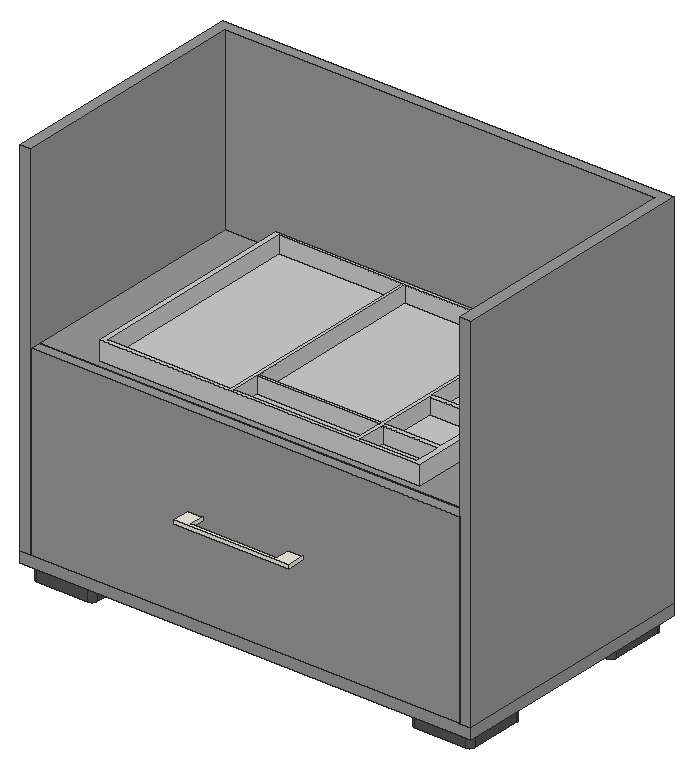
Revit family "Haworth_Epure_ProximityStorage_JuxtaposedModule_EU_PRELIMINARY", category Furniture, Revit 2019
Family settings
  OmniClass Number = 23.40.70.14.64.11
  OmniClass Title = Office Furniture
  Work Plane-Based = No
  Always vertical = Yes
  Cut with Voids When Loaded = No
  Shared = No
  Room Calculation Point = No
Parameters (values of type "Freestanding with 1 Suspended Files Drawer")
  without Pull = not(with Pull)  # no
  with Pull = and(or(Handle 1, Handle 2, Metal Handle))  # yes
  Warranty = "http://www.haworth.com/resources/product-info/warranties"
  Upper Pull = and(with Pull, Module Freestanding with 1 Suspended Files Drawer)  # no
  URL - Product = "https://www.haworth.com/eu/en/products/office-desks/epure-01.html"
  Type Comments = ""
  URL = "https://www.haworth.com/eu/en.html"
  Trim Finish = Haworth _ Paint _ Smooth Plaster
  Storage Finish [instance] = Haworth _ Laminate _ Undecided _ Storage
  Size = "Verify Final Dim.w/ Haworth"  # constant formula
  Revision Number = "1"  # constant formula
  Pencil Tray Options = "Not for Loadbearing for CPU, Module Freestanding with 1 Suspended Files Drawer"  # constant formula
  Pencil Tray Finish = Haworth _ Metal _ Structured White EC
  Pencil Tray = yes
  New Tibas 2 Fixing Kit = no
  New Tibas 1 Fixing Kit = no
  New T_Up 2 Fixing Kit = no
  New T_Up 1 Fixing Kit = no
  Module Freestanding with 1 Suspended Files Drawer = no
  Model = "EUPSDEPXXX"  # constant formula
  Metal Handle = yes
  Manufacturer = "Haworth"  # constant formula
  Loadbearing for CPU = no
  Handle 2 = no
  Handle 1 = no
  Glide Finish = Haworth _ Polymer _ Black
  Front Finish [instance] = Haworth _ Laminate _ Undecided _ Storage
  Freestanding with 1 Suspended Files Drawer = yes
  Freestanding with 1 Shelf = no
  Fixing 2 Kit = "Loadbearing for CPU only"  # constant formula
  Epure 2 Fixing Kit = no
  Epure 1 Fixing Kit = no
  Description = "Haworth - Epure - Proximity Storage - Juxtaposed Module"  # constant formula
  Below Pull = with Pull  # yes
  Below Drawer = and(or(Freestanding with 1 Suspended Files Drawer, Module Freestanding with 1 Suspended Files Drawer))  # yes
  Author = "Haworth (Abd Rahman)"  # constant formula
  Assembly Code = "E2020200"
  Actual Width = 80 cm  # constant formula
  Actual Height = 69 cm  # constant formula
  Actual Depth = 45 cm  # constant formula
Types (4, lengths in cm): name | without Pull | with Pull | Upper Pull | Pencil Tray | New Tibas 1 Fixing Kit | New T_Up 2 Fixing Kit | New T_Up 1 Fixing Kit | Module Freestanding with 1 Suspended Files Drawer | Metal Handle | Loadbearing for CPU | Freestanding with 1 Suspended Files Drawer | Freestanding with 1 Shelf | Epure 1 Fixing Kit | Below Pull | Below Drawer
  Loadbearing for CPU | yes | no | no | no | no | yes | yes | no | no | yes | no | no | no | no | no
  Freestanding with 1 Shelf | yes | no | no | yes | yes | no | no | no | no | no | no | yes | no | no | no
  Freestanding with 1 Suspended Files Drawer | no | yes | no | yes | no | no | no | no | yes | no | yes | no | no | yes | yes
  Module Freestanding with 1 Suspended Files Drawer | no | yes | yes | no | no | no | no | yes | yes | no | no | no | yes | yes | yes
Reference planes (cm)
  plane 1 "Center F/B": y = 17.4526
  plane 2: z = 0
  plane 3 "Center L/R": x = 11.43
  plane 4 "Top": z = 69
  plane 5 "Left": x = -28.57
  plane 6 "Right": x = 51.43
  plane 7 "Back": y = 39.9526
  plane 8 "Front": y = -5.0474
  plane 9: y = -3.1474
  plane 10: y = 38.0526
  plane 11: x = 49.53
  plane 12: x = -26.67
  plane 13: z = 4.4
  plane 14: z = 37.3
  plane 15: z = 60
  plane 16: z = 2.5
  plane 17 "2": z = 68
  plane 18: z = 12.4
  plane 19: z = 10.4
  plane 20: z = 35.4
  plane 21: z = 38
  plane 22: z = 20.85
  plane 23: z = 52
  plane 24: z = 70
  plane 25: x = -8.57
  plane 26: x = 31.43
Forms (cm)
  Extrusion 1, solid, material "Haworth _ Laminate _ Undecided _ Storage" <- "Storage Finish"
    sketch origin (0, 0, 0) x (1, 0, 0) y (0, 1, 0)
      loop
        line (-26.67, 38.0526) -> (49.53, 38.0526) -> (49.53, -5.0474) -> (51.43, -5.0474) -> (51.43, 39.9526) -> (-28.57, 39.9526) -> (-28.57, -5.0474) -> (-26.67, -5.0474) -> (-26.67, 38.0526)
    from 4.4 to 69
  Extrusion 2, solid, material "Haworth _ Laminate _ Undecided _ Storage" <- "Front Finish", visible <- "Below Drawer"
    sketch origin (33.9075, -5.0474, 26.6023) x (-1, 0, 0) y (0, 0, 1)
      loop
        line (60.5775, 10.6977) -> (-15.6225, 10.6977) -> (-15.6225, -22.2023) -> (60.5775, -22.2023) -> (60.5775, 10.6977)
    from 0 to 1.9
  Extrusion 3, solid, material "Haworth _ Laminate _ Undecided _ Storage" <- "Storage Finish"
    sketch origin (18.4075, -5.0474, -2.4912) x (-1, 0, 0) y (0, 0, 1)
      loop
        line (46.9775, 6.8912) -> (-33.0225, 6.8912) -> (-33.0225, 4.9912) -> (46.9775, 4.9912) -> (46.9775, 6.8912)
    from 0 to 45
  Extrusion 4, solid, material "Haworth _ Laminate _ Undecided _ Storage" <- "Storage Finish", visible <- "Loadbearing for CPU"
    sketch origin (7, -5.0474, 0) x (-1, 0, 0) y (0, 0, 1)
      loop
        line (33.67, 68) -> (-42.53, 68) -> (-42.53, 60) -> (33.67, 60) -> (33.67, 68)
      loop
        line (33.67, 12.4) -> (-42.53, 12.4) -> (-42.53, 4.4) -> (33.67, 4.4) -> (33.67, 12.4)
    from 0 to 1.9
  Extrusion 5, solid, material "Haworth _ Polymer _ Black" <- "Glide Finish"
    sketch origin (0, 0, 0) x (1, 0, 0) y (0, 1, 0)
      loop
        line (49.0294, 39.1326) -> (40.0294, 39.1326)
        arc (40.0294, 39.1326) -> (39.3223, 38.8397) -> (39.0294, 38.1326) r 1
        line (39.0294, 38.1326) -> (39.0294, 36.4302)
        arc (39.0294, 36.4302) -> (39.0863, 36.2905) -> (39.2246, 36.2303) r 0.2
        arc (39.2246, 36.2303) -> (44.8125, 33.9157) -> (47.1271, 28.3278) r 7.9025
        arc (47.1271, 28.3278) -> (47.1873, 28.1895) -> (47.327, 28.1326) r 0.2
        line (47.327, 28.1326) -> (49.0294, 28.1326)
        arc (49.0294, 28.1326) -> (49.7366, 28.4255) -> (50.0294, 29.1326) r 1
        line (50.0294, 29.1326) -> (50.0294, 38.1326)
        arc (50.0294, 38.1326) -> (49.7366, 38.8397) -> (49.0294, 39.1326) r 1
      loop
        arc (-26.6694, 38.6326) -> (-27.3766, 38.3397) -> (-27.6694, 37.6326) r 1
        line (-27.6694, 37.6326) -> (-27.6694, 28.6326)
        arc (-27.6694, 28.6326) -> (-27.3766, 27.9255) -> (-26.6694, 27.6326) r 1
        line (-26.6694, 27.6326) -> (-24.967, 27.6326)
        arc (-24.967, 27.6326) -> (-24.8273, 27.6895) -> (-24.7671, 27.8278) r 0.2
        arc (-24.7671, 27.8278) -> (-22.4525, 33.4157) -> (-16.8646, 35.7303) r 7.9025
        arc (-16.8646, 35.7303) -> (-16.7263, 35.7905) -> (-16.6694, 35.9302) r 0.2
        line (-16.6694, 35.9302) -> (-16.6694, 37.6326)
        arc (-16.6694, 37.6326) -> (-16.9623, 38.3397) -> (-17.6694, 38.6326) r 1
        line (-17.6694, 38.6326) -> (-26.6694, 38.6326)
      loop
        arc (49.5294, -3.7274) -> (50.2366, -3.4345) -> (50.5294, -2.7274) r 1
        line (50.5294, -2.7274) -> (50.5294, 6.2726)
        arc (50.5294, 6.2726) -> (50.2366, 6.9798) -> (49.5294, 7.2726) r 1
        line (49.5294, 7.2726) -> (47.827, 7.2726)
        arc (47.827, 7.2726) -> (47.6873, 7.2158) -> (47.6271, 7.0775) r 0.2
        arc (47.6271, 7.0775) -> (45.3125, 1.4896) -> (39.7246, -0.825) r 7.9025
        arc (39.7246, -0.825) -> (39.5863, -0.8852) -> (39.5294, -1.0249) r 0.2
        line (39.5294, -1.0249) -> (39.5294, -2.7274)
        arc (39.5294, -2.7274) -> (39.8223, -3.4345) -> (40.5294, -3.7274) r 1
        line (40.5294, -3.7274) -> (49.5294, -3.7274)
      loop
        line (-26.1694, -4.2274) -> (-17.1694, -4.2274)
        arc (-17.1694, -4.2274) -> (-16.4623, -3.9345) -> (-16.1694, -3.2274) r 1
        line (-16.1694, -3.2274) -> (-16.1694, -1.5249)
        arc (-16.1694, -1.5249) -> (-16.2263, -1.3852) -> (-16.3646, -1.325) r 0.2
        arc (-16.3646, -1.325) -> (-21.9525, 0.9896) -> (-24.2671, 6.5775) r 7.9025
        arc (-24.2671, 6.5775) -> (-24.3273, 6.7158) -> (-24.467, 6.7726) r 0.2
        line (-24.467, 6.7726) -> (-26.1694, 6.7726)
        arc (-26.1694, 6.7726) -> (-26.8766, 6.4798) -> (-27.1694, 5.7726) r 1
        line (-27.1694, 5.7726) -> (-27.1694, -3.2274)
        arc (-27.1694, -3.2274) -> (-26.8766, -3.9345) -> (-26.1694, -4.2274) r 1
      loop
        circle (-25.4193, 36.2811) r 1.75
      loop
        circle (47.7793, 36.7811) r 1.75
      loop
        circle (-24.9193, -1.8758) r 1.75
      loop
        circle (48.2793, -1.3758) r 1.75
    from 0 to 2.5
  Extrusion 6, solid, material "Haworth _ Laminate _ Undecided _ Storage" <- "Storage Finish", visible <- "Loadbearing for CPU"
    sketch origin (0, 0, 0) x (1, 0, 0) y (0, 1, 0)
      loop
        line (-26.67, 38.0526) -> (-26.67, -3.1474) -> (49.53, -3.1474) -> (49.53, 38.0526) -> (-26.67, 38.0526)
    from 12.4 to 10.4
  Extrusion 7, solid, material "Haworth _ Laminate _ Undecided _ Storage" <- "Storage Finish", visible <- "Freestanding with 1 Shelf"
    sketch origin (0, 0, 23) x (1, 0, 0) y (0, 1, 0)
      loop
        line (-26.67, 38.0526) -> (-26.67, -3.1474) -> (49.53, -3.1474) -> (49.53, 38.0526) -> (-26.67, 38.0526)
    from 14.3 to 12.4
  Extrusion 8, solid, material "Haworth _ Laminate _ Undecided _ Storage" <- "Front Finish", visible <- "Module Freestanding with 1 Suspended Files Drawer"
    sketch origin (33.9075, -5.0474, 58.3023) x (-1, 0, 0) y (0, 0, 1)
      loop
        line (60.5775, 10.6977) -> (-15.6225, 10.6977) -> (-15.6225, -20.3023) -> (60.5775, -20.3023) -> (60.5775, 10.6977)
    from 0 to 1.9
  Extrusion 9, solid, material "Haworth _ Laminate _ Undecided _ Storage" <- "Storage Finish", visible <- "Freestanding with 1 Suspended Files Drawer"
    sketch origin (0, 0, 23) x (1, 0, 0) y (0, 1, 0)
      loop
        line (-26.67, 38.0526) -> (-26.67, -3.1474) -> (49.53, -3.1474) -> (49.53, 38.0526) -> (-26.67, 38.0526)
    from 14.3 to 12.4
Lines and regions (cm)
  Masking region 1
    outline origin (0, 0, 0) x (1, 0, 0) y (0, 1, 0)
      loop
        line (-28.57, 39.9526) -> (-28.57, -5.0474) -> (51.43, -5.0474) -> (51.43, 39.9526) -> (-28.57, 39.9526)
      loop
        line (-26.67, 38.0526) -> (-26.67, -3.1474) -> (49.53, -3.1474) -> (49.53, 38.0526) -> (-26.67, 38.0526)
Dimensions and locks (cm)
  equal spacing: plane 7 "Back", plane 1 "Center F/B", plane 8 "Front"
  "Actual Depth": plane 7 "Back" to plane 8 "Front"
  equal spacing: plane 5 "Left", plane 3 "Center L/R", plane 6 "Right"
  "Actual Width": plane 5 "Left" to plane 6 "Right"
  locked: plane 9 to plane 8 "Front" at 1.9
  plane 10 to plane 7 "Back" = 1.9 cm
  locked: plane 11 to plane 6 "Right" at 1.9
  locked: plane 5 "Left" to plane 12 at 1.9
  "Actual Height": plane 4 "Top" to plane 2
  locked: plane 4 "Top" to plane 15 at 9
  locked: plane 4 "Top" to plane 17 "2" at 1
  plane 18 to plane 19 to plane 13 to plane 16 to plane 2 = 2 cm, 6 cm, 1.9 cm, 2.5 cm
  plane 20 to plane 13 = 31 cm
  plane 14 to plane 20 = 1.9 cm
  plane 4 "Top" to plane 21 = 31 cm
  plane 23 to plane 22 to plane 2 = 31.15 cm, 20.85 cm
  locked: plane 24 to plane 4 "Top" at 1
  equal spacing: plane 5 "Left", plane 25, plane 3 "Center L/R", plane 26, plane 6 "Right"
  aligned and locked: Masking region 1 sketch curve to plane 6 "Right"
  aligned and locked: Masking region 1 sketch curve to plane 7 "Back"
  aligned and locked: plane 5 "Left" to Masking region 1 sketch curve
  aligned and locked: plane 8 "Front" to Masking region 1 sketch curve
  aligned and locked: Masking region 1 sketch curve to plane 11
  aligned and locked: plane 9 to Masking region 1 sketch curve
  aligned and locked: Masking region 1 sketch curve to plane 12
  aligned and locked: Masking region 1 sketch curve to plane 10
  aligned and locked: Extrusion 3 sketch curve to plane 16
  aligned and locked: Extrusion 3 sketch curve to plane 6 "Right"
  aligned and locked: Extrusion 3 sketch curve to plane 13
  aligned and locked: plane 5 "Left" to Extrusion 3 sketch curve
  aligned and locked: plane 7 "Back" to Extrusion 3
  aligned and locked: plane 3 "Center L/R" to nested 1
  aligned and locked: nested 1 to plane 8 "Front"
  aligned and locked: Extrusion 1 sketch curve to plane 10
  aligned and locked: Extrusion 1 sketch curve to plane 11
  aligned and locked: Extrusion 1 sketch curve to plane 12
  aligned and locked: Extrusion 1 sketch curve to plane 6 "Right"
  aligned and locked: plane 5 "Left" to Extrusion 1 sketch curve
  aligned and locked: Extrusion 1 sketch curve to plane 7 "Back"
  aligned and locked: Extrusion 4 sketch curve to plane 11  (x2)
  aligned and locked: Extrusion 4 sketch curve to plane 17 "2"
  aligned and locked: Extrusion 4 sketch curve to plane 12  (x2)
  aligned and locked: plane 15 to Extrusion 4 sketch curve
  aligned and locked: Extrusion 4 to plane 8 "Front"
  aligned and locked: plane 9 to Extrusion 4
  aligned and locked: Extrusion 5 to plane 2
  aligned and locked: Extrusion 5 to plane 16
  aligned and locked: Extrusion 4 sketch curve to plane 13
  aligned and locked: Extrusion 6 sketch curve to plane 11
  aligned and locked: Extrusion 6 sketch curve to plane 10
  aligned and locked: Extrusion 6 sketch curve to plane 12
  aligned and locked: plane 9 to Extrusion 6 sketch curve
  aligned and locked: Extrusion 4 to plane 18
  aligned and locked: plane 18 to Extrusion 6
  aligned and locked: Extrusion 6 to plane 19
  aligned and locked: Extrusion 7 to plane 20
  aligned and locked: Extrusion 7 to plane 14
  aligned and locked: Extrusion 7 sketch curve to plane 11
  aligned and locked: Extrusion 7 sketch curve to plane 10
  aligned and locked: Extrusion 7 sketch curve to plane 12
  aligned and locked: plane 9 to Extrusion 7 sketch curve
  aligned and locked: Extrusion 2 sketch curve to plane 13
  aligned and locked: Extrusion 2 to plane 14
  aligned and locked: Extrusion 8 sketch curve to plane 4 "Top"
  aligned and locked: plane 21 to Extrusion 8 sketch curve
  aligned and locked: Extrusion 1 to plane 8 "Front"
  aligned and locked: plane 9 to Extrusion 2
  aligned and locked: Extrusion 2 to plane 8 "Front"
  aligned and locked: Extrusion 3 to plane 8 "Front"
  aligned and locked: plane 22 to nested 1
  aligned and locked: nested 2 to plane 23
  aligned and locked: plane 8 "Front" to nested 2
  aligned and locked: plane 7 "Back" to nested 8
  aligned and locked: plane 3 "Center L/R" to nested 8
  aligned and locked: plane 3 "Center L/R" to nested 9
  aligned and locked: nested 9 to plane 7 "Back"
  aligned and locked: plane 8 "Front" to nested 10
  aligned and locked: nested 10 to plane 3 "Center L/R"
  aligned and locked: nested 7 to plane 8 "Front"
  aligned and locked: nested 7 to plane 3 "Center L/R"
  aligned and locked: nested 7 to plane 4 "Top"
  aligned and locked: nested 8 to plane 4 "Top"
  aligned and locked: nested 10 to plane 4 "Top"
  aligned and locked: nested 9 to plane 4 "Top"
  aligned and locked: nested 4 to plane 7 "Back"
  aligned and locked: plane 25 to nested 4
  aligned and locked: plane 26 to nested 3
  aligned and locked: nested 3 to plane 7 "Back"
  aligned and locked: plane 25 to nested 5
  aligned and locked: plane 26 to nested 6
  aligned and locked: nested 5 to plane 8 "Front"
  aligned and locked: nested 6 to plane 8 "Front"
  aligned and locked: nested 6 to plane 4 "Top"
  aligned and locked: nested 3 to plane 4 "Top"
  aligned and locked: nested 5 to plane 4 "Top"
  aligned and locked: nested 4 to plane 4 "Top"
  aligned and locked: plane 11 to Extrusion 2
  aligned and locked: plane 11 to Extrusion 8
  aligned and locked: plane 12 to Extrusion 2
  aligned and locked: plane 12 to Extrusion 8
  aligned and locked: Extrusion 9 sketch curve to plane 12
  aligned and locked: Extrusion 9 sketch curve to plane 10
  aligned and locked: Extrusion 9 sketch curve to plane 11
  aligned and locked: plane 9 to Extrusion 9 sketch curve
  aligned and locked: Extrusion 9 to plane 20
  aligned and locked: Extrusion 9 to plane 14
  aligned and locked: plane 1 "Center F/B" to nested 11
  aligned and locked: plane 3 "Center L/R" to nested 11
  aligned and locked: nested 11 to plane 14
Automatic sketch dimensions
  Extrusion 1 sketch curve to plane 8 "Front" = 0 cm  (x2)
  Extrusion 2 sketch curve to plane 11 = 0 cm
  plane 12 to Extrusion 2 sketch curve = 0 cm
  Extrusion 2 sketch curve to plane 14 = 0 cm
  Extrusion 4 sketch curve to plane 18 = 0 cm
  plane 5 "Left" to Extrusion 5 sketch curve = 0.9006 cm
  Extrusion 5 sketch curve to plane 9 = 0.08 cm  (x2)
  plane 12 to Extrusion 5 sketch curve = 0.4994 cm
  Extrusion 5 sketch curve to plane 12 = 0.0006 cm  (x2)
  Extrusion 5 sketch curve to plane 12 = 0.5006 cm  (x2)
  Extrusion 5 sketch curve to plane 12 = 1.2507 cm
  Extrusion 5 sketch curve to plane 12 = 1.703 cm
  Extrusion 5 sketch curve to plane 12 = 1.7507 cm
  Extrusion 5 sketch curve to Extrusion 5 sketch curve = 1.7024 cm
  plane 10 to Extrusion 5 sketch curve = 0.42 cm
  Extrusion 5 sketch curve to Extrusion 5 sketch curve = 7.7498 cm  (x2)
  Extrusion 5 sketch curve to Extrusion 5 sketch curve = 0.8 cm
  Extrusion 5 sketch curve to Extrusion 5 sketch curve = 0.0048 cm  (x4)
  Extrusion 5 sketch curve to Extrusion 5 sketch curve = 0.2 cm  (x5)
  Extrusion 5 sketch curve to plane 25 = 7.7946 cm
  Extrusion 5 sketch curve to plane 10 = 0.08 cm  (x2)
  plane 26 to Extrusion 5 sketch curve = 7.5994 cm
  plane 26 to Extrusion 5 sketch curve = 7.7946 cm
  plane 9 to Extrusion 5 sketch curve = 2.1224 cm
  plane 26 to Extrusion 5 sketch curve = 8.0994 cm
  Extrusion 5 sketch curve to Extrusion 5 sketch curve = 0.1952 cm  (x3)
  Extrusion 5 sketch curve to plane 7 "Back" = 0.82 cm
  Extrusion 5 sketch curve to plane 9 = 0.58 cm
  Extrusion 5 sketch curve to Extrusion 5 sketch curve = 1 cm
  Extrusion 5 sketch curve to plane 11 = 2.203 cm
  Extrusion 5 sketch curve to plane 11 = 1.7507 cm
  Extrusion 5 sketch curve to plane 11 = 1.703 cm
  Extrusion 5 sketch curve to plane 11 = 1.2507 cm
  Extrusion 5 sketch curve to plane 11 = 0.5006 cm  (x2)
  Extrusion 5 sketch curve to plane 11 = 0.0006 cm  (x2)
  plane 9 to Extrusion 5 sketch curve = 0.42 cm
  plane 9 to Extrusion 5 sketch curve = 1.2715 cm
  plane 9 to Extrusion 5 sketch curve = 1.6224 cm
  plane 9 to Extrusion 5 sketch curve = 1.7715 cm
  Extrusion 5 sketch curve to Extrusion 5 sketch curve = 7.6485 cm  (x2)
  Extrusion 5 sketch curve to Extrusion 5 sketch curve = 10 cm
  plane 10 to Extrusion 5 sketch curve = 9.92 cm
  plane 10 to Extrusion 5 sketch curve = 1.7715 cm
  plane 10 to Extrusion 5 sketch curve = 1.2715 cm
  Extrusion 8 sketch curve to plane 11 = 0 cm
  plane 12 to Extrusion 8 sketch curve = 0 cm
  radius of Extrusion 5 sketch curve = 1.75 cm  (x4)
Nested families (cm)
  nested 1: "Haworth_Epure_Storage_Drawer-Pulls" at (11.43, -5.0474, 20.85), visible <- "Below Pull", type "Pull"
    with Handle 2 no, Handle 1 no
  nested 2: "Haworth_Epure_Storage_Drawer-Pulls" at (11.43, -5.0474, 52) x (-1, 0, 0) z (0, 0, 1), visible <- "Upper Pull", type "Pull"
    with Handle 2 no, Handle 1 no
  nested 3: "Haworth_Epure_Storage-FixingEpureEU-PART" at (141.8466, 1.1626, 0.9304), visible <- "Epure 1 Fixing Kit", Fixing Finish <- "Trim Finish", type "Epure - Fixing"
    with Fixing Finish Haworth _ Paint _ Smooth Plaster
  nested 4: "Haworth_Epure_Storage-FixingEpureEU-PART" at (101.8466, 1.1626, 0.9304), visible <- "Epure 1 Fixing Kit", Fixing Finish <- "Trim Finish", type "Epure - Fixing"
    with Fixing Finish Haworth _ Paint _ Smooth Plaster
  nested 5: "Haworth_Epure_Storage-FixingEpureEU-PART" at (101.8466, -43.8374, 0.9304), visible <- "Epure 2 Fixing Kit", Fixing Finish <- "Trim Finish", type "Epure - Fixing"
    with Fixing Finish Haworth _ Paint _ Smooth Plaster
  nested 6: "Haworth_Epure_Storage-FixingEpureEU-PART" at (141.8466, -43.8374, 0.9304), visible <- "Epure 2 Fixing Kit", Fixing Finish <- "Trim Finish", type "Epure - Fixing"
    with Fixing Finish Haworth _ Paint _ Smooth Plaster
  nested 7: "Haworth_Epure_Pedestal-FixingNewT_UpEU-PART" at (-27.36, -130.9457, -0.0639) x (0, -1, 0) z (0, 0, 1), visible <- "New T_Up 2 Fixing Kit", Fixing Finish <- "Trim Finish", type "New T_Up - Fixing"
    with Fixing Finish Haworth _ Paint _ Smooth Plaster
  nested 8: "Haworth_Epure_Pedestal-FixingNewT_UpEU-PART" at (50.22, 165.851, -0.0639) x (0, 1, 0) z (0, 0, 1), visible <- "New T_Up 1 Fixing Kit", Fixing Finish <- "Trim Finish", type "New T_Up - Fixing"
    with Fixing Finish Haworth _ Paint _ Smooth Plaster
  nested 9: "Haworth_Epure_Pedestal-FixingNewTibasEU-PART" at (50.22, 147.3693, -0.465) x (0, 1, 0) z (0, 0, 1), visible <- "New Tibas 1 Fixing Kit", Fixing Finish <- "Trim Finish", type "New Tibas - Fixing"
    with Fixing Finish Haworth _ Paint _ Smooth Plaster
  nested 10: "Haworth_Epure_Pedestal-FixingNewTibasEU-PART" at (-27.36, -112.464, -0.465) x (0, -1, 0) z (0, 0, 1), visible <- "New Tibas 2 Fixing Kit", Fixing Finish <- "Trim Finish", type "New Tibas - Fixing"
    with Fixing Finish Haworth _ Paint _ Smooth Plaster
  nested 11: "Haworth_Epure_PencilTray_PART" at (17.7484, 34.5392, -0.1278), Pencil Tray Finish <- "Pencil Tray Finish", visible <- "Pencil Tray", type "Epure - Pencil Tray - PART"
    with Pencil Tray Finish Haworth _ Metal _ Structured White EC
Definition of nested family "Haworth_Epure_Storage_Drawer-Pulls"
  Parameters (values of type "Pull")
    Metal = yes
    Handle Finish = none
    Handle 2 = yes
    Handle 1 = yes
    Assembly Code = ""
  Reference planes (cm)
    plane 1 "Center Front/Back": y = 0
    plane 2: z = 0
    plane 3 "Center Left/Right": x = 0
    plane 4: x = -13
    plane 5: x = 13
  Forms (cm)
    Extrusion 1, solid, material <- "Handle Finish", visible <- "Metal"
      sketch origin (0, 0, 0.3175) x (1, 0, 0) y (0, 1, 0)
        loop
          line (-10.16, 0) -> (-10.16, -3.175) -> (10.16, -3.175) -> (10.16, 0) -> (7.62, 0) -> (7.62, -2.54) -> (-7.62, -2.54) -> (-7.62, 0) -> (-10.16, 0)
      from 0 to -0.635
    Extrusion 2, solid, material <- "Handle Finish", visible <- "Handle 2"
      sketch origin (249.8674, 48.2327, -47.4662) x (0, 1, 0) y (0, 0, 1)
        loop
          line (-48.2327, 48.4836) -> (-50.2327, 48.4836) -> (-50.2327, 46.4836) -> (-49.8327, 46.4836) -> (-49.8327, 47.4836) -> (-48.2327, 47.4836) -> (-48.2327, 48.4836)
      from -256.9674 to -242.7674
    Extrusion 3, solid, material <- "Handle Finish", visible <- "Handle 1"
      sketch origin (-80.1326, 48.2327, -18.6172) x (1, 0, 0) y (0, 1, 0)
        loop
          line (72.9326, -50.7327) -> (87.3326, -50.7327)
          arc (87.3326, -50.7327) -> (87.6861, -50.5862) -> (87.8326, -50.2327) r 0.5
          line (87.8326, -50.2327) -> (87.8326, -48.7327)
          arc (87.8326, -48.7327) -> (87.6861, -48.3791) -> (87.3326, -48.2327) r 0.5
          line (87.3326, -48.2327) -> (72.9326, -48.2327)
          arc (72.9326, -48.2327) -> (72.579, -48.3791) -> (72.4326, -48.7327) r 0.5
          line (72.4326, -48.7327) -> (72.4326, -50.2327)
          arc (72.4326, -50.2327) -> (72.579, -50.5862) -> (72.9326, -50.7327) r 0.5
      from 18.1935 to 19.0935
Definition of nested family "Haworth_Epure_Storage-FixingEpureEU-PART"
  Parameters (values of type "Epure - Fixing")
    Warranty = "http://www.haworth.com/resources/product-info/warranties"
    URL - Product = ""
    URL = "https://www.haworth.com/eu/en.html"
    Size = "Verify Final Dim. w/ Haworth"  # constant formula
    Revision Number = "1"  # constant formula
    Model = ""
    Manufacturer = "Haworth"  # constant formula
    Fixing Finish [instance] = none
    Epure Fixing = yes
    Description = ""
    Author = "Haworth (Abd Rahman)"  # constant formula
    Assembly Code = "E2020200"
    Actual Width = 16 cm  # constant formula
    Actual Height = 1 cm  # constant formula
    Actual Depth = 42 cm  # constant formula
  Reference planes (cm)
    plane 1: z = -0.5
    plane 2: y = 38.79
    plane 3: x = -102.4166
    plane 4: x = -118.4166
    plane 5: x = -110.4166
    plane 6: y = 17.79
    plane 7: y = 59.79
    plane 8: z = 69.0696
    plane 9: z = 68.0696
  Forms (cm)
    Extrusion 1, solid, material <- "Fixing Finish"
      sketch origin (-56.1479, -18.2837, 0) x (1, 0, 0) y (0, 1, 0)
        loop
          line (-46.2688, 36.6592) -> (-46.2688, 77.5727) -> (-46.7677, 78.0737) -> (-61.7996, 78.0737) -> (-62.2688, 77.6066) -> (-62.2688, 36.5193) -> (-61.8232, 36.0737) -> (-46.8568, 36.0737) -> (-46.2688, 36.6592)
        loop
          circle (-59.6836, 75.5752) r 0.6
        loop
          circle (-48.8485, 64.7401) r 0.6
        loop
          circle (-59.6836, 38.5506) r 0.6
        loop
          circle (-48.8485, 49.4074) r 0.6
      from 68.0696 to 69.0696
  Lines and regions (cm)
    Masking region 1
      outline origin (0, 0, 0) x (1, 0, 0) y (0, 1, 0)
        loop
          line (-102.4167, 18.3755) -> (-102.4167, 59.2889) -> (-102.9156, 59.79) -> (-117.9475, 59.79) -> (-118.4166, 59.3229) -> (-118.4166, 18.2356) -> (-117.971, 17.79) -> (-103.0046, 17.79) -> (-102.4167, 18.3755)
  Dimensions and locks (cm)
    "Actual Width": plane 4 to plane 3
    equal spacing: plane 4, plane 5, plane 3
    equal spacing: plane 6, plane 2, plane 7
    "Actual Depth": plane 6 to plane 7
    "Actual Height": plane 8 to plane 9
    aligned and locked: Extrusion 1 to plane 8
    aligned and locked: plane 9 to Extrusion 1
  Automatic sketch dimensions
    Extrusion 1 sketch curve to plane 4 = 0 cm
    plane 6 to Extrusion 1 sketch curve = 0 cm
    plane 7 to Extrusion 1 sketch curve = 0 cm
    Extrusion 1 sketch curve to plane 4 = 0.4456 cm
    Extrusion 1 sketch curve to plane 4 = 0.4691 cm
    Extrusion 1 sketch curve to plane 4 = 2.5851 cm  (x2)
    plane 3 to Extrusion 1 sketch curve = 2.5797 cm  (x2)
    plane 3 to Extrusion 1 sketch curve = 0.588 cm
    plane 3 to Extrusion 1 sketch curve = 0.499 cm
    plane 3 to Extrusion 1 sketch curve = 0 cm
    Extrusion 1 sketch curve to plane 6 = 0.4456 cm
    Extrusion 1 sketch curve to plane 6 = 0.5855 cm
    Extrusion 1 sketch curve to plane 6 = 2.4769 cm
    plane 2 to Extrusion 1 sketch curve = 7.6664 cm
    Extrusion 1 sketch curve to plane 2 = 7.6664 cm
    plane 7 to Extrusion 1 sketch curve = 2.4985 cm
    plane 7 to Extrusion 1 sketch curve = 0.5011 cm
    plane 7 to Extrusion 1 sketch curve = 0.4671 cm
    Masking region 1 sketch curve to plane 4 = 0 cm
    plane 6 to Masking region 1 sketch curve = 0 cm
    plane 7 to Masking region 1 sketch curve = 0 cm
    Masking region 1 sketch curve to plane 4 = 0.4456 cm
    Masking region 1 sketch curve to plane 4 = 0.4691 cm
    plane 3 to Masking region 1 sketch curve = 0.588 cm
    plane 3 to Masking region 1 sketch curve = 0.499 cm
    plane 3 to Masking region 1 sketch curve = 0 cm
    Masking region 1 sketch curve to plane 6 = 0.4456 cm
    Masking region 1 sketch curve to plane 6 = 0.5855 cm
    plane 7 to Masking region 1 sketch curve = 0.5011 cm
    plane 7 to Masking region 1 sketch curve = 0.4671 cm
    radius of Extrusion 1 sketch curve = 0.6 cm  (x4)
Definition of nested family "Haworth_Epure_Pedestal-FixingNewT_UpEU-PART"
  Parameters (values of type "New T_Up - Fixing")
    Warranty = "http://www.haworth.com/resources/product-info/warranties"
    URL - Product = ""
    URL = "https://www.haworth.com/eu/en.html"
    Size = "Verify Final Dim. w/ Haworth"  # constant formula
    Revision Number = "1"  # constant formula
    Model = ""
    Manufacturer = "Haworth"  # constant formula
    Fixing Finish [instance] = none
    New T_Up Fixing = yes
    Description = ""
    Author = "Haworth (Abd Rahman)"  # constant formula
    Assembly Code = "E2020200"
    Actual Width = 17.5 cm  # constant formula
    Actual Height = 6 cm  # constant formula
    Actual Depth = 47 cm  # constant formula
  Reference planes (cm)
    plane 1: z = -0.5
    plane 2: y = 38.79
    plane 3 "Front": y = 15.29
    plane 4: y = 62.29
    plane 5: x = -125.8984
    plane 6: x = -108.3984
    plane 7: x = -117.1484
    plane 8: z = 69.0639
    plane 9: z = 63.0639
  Forms (cm)
    Extrusion 1, solid, material <- "Fixing Finish"
      sketch origin (91.4946, 173.3217, 0) x (1, 0, 0) y (0, 0, 1)
        loop
          line (-217.393, 68.4639) -> (-217.393, 63.0639) -> (-216.993, 63.0639) -> (-216.993, 68.4639)
          arc (-216.993, 68.4639) -> (-216.9344, 68.6054) -> (-216.793, 68.6639) r 0.2
          line (-216.793, 68.6639) -> (-215.393, 68.6639) -> (-215.393, 69.0639) -> (-216.793, 69.0639)
          arc (-216.793, 69.0639) -> (-217.2173, 68.8882) -> (-217.393, 68.4639) r 0.6
      from 111.0317 to 158.0317
    Extrusion 2, void
      sketch origin (-10.922, 158.0317, 0) x (0, -1, 0) y (0, 0, 1)
        loop
          line (95.7417, 64.0639) -> (95.4244, 64.0639) -> (95.4244, 62.7291) -> (96.7417, 62.7291) -> (96.7417, 63.0639)
          arc (96.7417, 63.0639) -> (96.0346, 63.3568) -> (95.7417, 64.0639) r 1
        loop
          arc (142.7417, 64.0639) -> (142.4488, 63.3568) -> (141.7417, 63.0639) r 1
          line (141.7417, 63.0639) -> (141.7417, 62.7291) -> (143.059, 62.7291) -> (143.059, 64.0639) -> (142.7417, 64.0639)
      from 105.2921 to 125.5793
    Extrusion 3, void
      sketch origin (91.4946, 158.0317, 0) x (1, 0, 0) y (0, 1, 0)
        loop
          arc (-216.393, -95.7417) -> (-215.6859, -96.0346) -> (-215.393, -96.7417) r 1
          line (-215.393, -96.7417) -> (-215.0511, -96.7417) -> (-215.0511, -95.4137) -> (-216.393, -95.4137) -> (-216.393, -95.7417)
        loop
          line (-216.393, -142.7417) -> (-216.393, -143.0697) -> (-215.0511, -143.0697) -> (-215.0511, -141.7417) -> (-215.393, -141.7417)
          arc (-215.393, -141.7417) -> (-215.6859, -142.4488) -> (-216.393, -142.7417) r 1
      from 58.3352 to 71.12
    Extrusion 4, void
      sketch origin (-10.922, 158.0317, 0) x (0, -1, 0) y (0, 0, 1)
        loop
          circle (140.7823, 65.9669) r 0.6
        loop
          circle (129.7198, 65.9669) r 0.6
        loop
          circle (97.701, 65.9669) r 0.6
        loop
          circle (108.7635, 65.9669) r 0.6
      from 103.4009 to 121.0334
    Extrusion 5, solid, material <- "Fixing Finish"
      sketch origin (-10.922, 158.0317, 0) x (0, -1, 0) y (0, 0, 1)
        loop
          line (116.9817, 67.7139) -> (116.9817, 63.8139)
          arc (116.9817, 63.8139) -> (117.0725, 63.5947) -> (117.2917, 63.5039) r 0.31
          line (117.2917, 63.5039) -> (121.1917, 63.5039)
          arc (121.1917, 63.5039) -> (121.4109, 63.5947) -> (121.5017, 63.8139) r 0.31
          line (121.5017, 63.8139) -> (121.5017, 67.7139)
          arc (121.5017, 67.7139) -> (121.4109, 67.9331) -> (121.1917, 68.0239) r 0.31
          line (121.1917, 68.0239) -> (117.2917, 68.0239)
          arc (117.2917, 68.0239) -> (117.0725, 67.9331) -> (116.9817, 67.7139) r 0.31
        loop
          line (117.2083, 67.7139) -> (117.2083, 63.8139)
          arc (117.2083, 63.8139) -> (117.2376, 63.7432) -> (117.3083, 63.7139) r 0.1
          line (117.3083, 63.7139) -> (121.2083, 63.7139)
          arc (121.2083, 63.7139) -> (121.279, 63.7432) -> (121.3083, 63.8139) r 0.1
          line (121.3083, 63.8139) -> (121.3083, 67.7139)
          arc (121.3083, 67.7139) -> (121.279, 67.7846) -> (121.2083, 67.8139) r 0.1
          line (121.2083, 67.8139) -> (117.3083, 67.8139)
          arc (117.3083, 67.8139) -> (117.2376, 67.7846) -> (117.2083, 67.7139) r 0.1
      from 97.4764 to 114.8764
    Extrusion 6, solid, material <- "Fixing Finish"
      sketch origin (91.4946, 158.0317, 0) x (1, 0, 0) y (0, 1, 0)
        loop
          circle (-206.6968, -119.2409) r 0.4
        loop
          circle (-206.6968, -119.2409) r 0.6
        loop
          circle (-201.4954, -119.2409) r 0.4
        loop
          circle (-201.4954, -119.2409) r 0.6
      from 63.7139 to 64.3139
    Extrusion 7, void
      sketch origin (91.4946, 173.3217, 0) x (1, 0, 0) y (0, 0, 1)
        loop
          circle (-207.0939, 65.7618) r 0.275
      from 128.5752 to 139.236
  Cuts and joins
    Extrusion 2, Extrusion 3, Extrusion 4 cuts Extrusion 1
    Extrusion 7 cuts Extrusion 5
  Lines and regions (cm)
    Masking region 1
      outline origin (0, 0, 0) x (1, 0, 0) y (0, 1, 0)
        loop
          line (-125.8984, 62.29) -> (-125.8984, 15.29) -> (-123.9014, 15.29) -> (-123.9014, 36.53) -> (-108.3984, 36.53) -> (-108.3984, 41.0669) -> (-123.9014, 41.0669) -> (-123.9014, 62.29) -> (-125.8984, 62.29)
  Dimensions and locks (cm)
    "Actual Depth": plane 3 "Front" to plane 4
    equal spacing: plane 3 "Front", plane 2, plane 4
    equal spacing: plane 5, plane 7, plane 6
    "Actual Width": plane 5 to plane 6
    "Actual Height": plane 8 to plane 9
  Automatic sketch dimensions
    Extrusion 1 sketch curve to Extrusion 1 sketch curve = 0 cm  (x2)
    Extrusion 1 sketch curve to plane 5 = 0 cm
    plane 5 to Extrusion 1 sketch curve = 0.4 cm
    Extrusion 1 sketch curve to Extrusion 1 sketch curve = 0.2 cm
    Extrusion 1 sketch curve to Extrusion 1 sketch curve = 1.4 cm
    Extrusion 2 sketch curve to plane 4 = 0 cm
    Extrusion 2 sketch curve to plane 3 "Front" = 0 cm
    Extrusion 2 sketch curve to Extrusion 2 sketch curve = 0.3173 cm
    plane 4 to Extrusion 2 sketch curve = 1 cm
    Extrusion 2 sketch curve to Extrusion 2 sketch curve = 1 cm
    plane 3 "Front" to Extrusion 2 sketch curve = 0.3173 cm
    Extrusion 2 sketch curve to Extrusion 2 sketch curve = 1.3348 cm  (x2)
    plane 4 to Extrusion 3 sketch curve = 0 cm
    plane 3 "Front" to Extrusion 3 sketch curve = 0 cm
    plane 5 to Extrusion 3 sketch curve = 1 cm  (x2)
    plane 3 "Front" to Extrusion 3 sketch curve = 0.328 cm
    plane 4 to Extrusion 3 sketch curve = 1 cm
    Extrusion 3 sketch curve to Extrusion 3 sketch curve = 1 cm
    Extrusion 3 sketch curve to Extrusion 3 sketch curve = 0.3419 cm  (x2)
    Extrusion 3 sketch curve to Extrusion 3 sketch curve = 0.328 cm
    plane 4 to Extrusion 4 sketch curve = 1.9593 cm
    Extrusion 4 sketch curve to plane 2 = 10.4782 cm
    plane 2 to Extrusion 4 sketch curve = 10.4782 cm
    Extrusion 4 sketch curve to plane 3 "Front" = 1.9593 cm
    Extrusion 5 sketch curve to plane 2 = 2.26 cm
    Extrusion 5 sketch curve to Extrusion 5 sketch curve = 0.2266 cm
    Extrusion 5 sketch curve to Extrusion 5 sketch curve = 0.0834 cm  (x2)
    Extrusion 5 sketch curve to Extrusion 5 sketch curve = 0.0166 cm  (x4)
    plane 2 to Extrusion 5 sketch curve = 1.95 cm
    Extrusion 5 sketch curve to Extrusion 5 sketch curve = 0.31 cm
    Extrusion 5 sketch curve to Extrusion 5 sketch curve = 0.1 cm  (x2)
    Extrusion 5 sketch curve to Extrusion 5 sketch curve = 0 cm
    Extrusion 6 sketch curve to Extrusion 6 sketch curve = 0 cm  (x4)
    Extrusion 6 sketch curve to plane 2 = 0.0008 cm  (x2)
    plane 7 to Extrusion 6 sketch curve = 1.9462 cm
    Extrusion 6 sketch curve to plane 6 = 1.6024 cm
    plane 7 to Extrusion 7 sketch curve = 1.5491 cm
    Masking region 1 sketch curve to plane 3 "Front" = 0 cm
    Masking region 1 sketch curve to plane 5 = 0 cm
    Masking region 1 sketch curve to plane 6 = 0 cm
    plane 2 to Masking region 1 sketch curve = 2.26 cm
    Masking region 1 sketch curve to plane 2 = 2.2769 cm
    plane 5 to Masking region 1 sketch curve = 1.997 cm  (x2)
    plane 4 to Masking region 1 sketch curve = 0 cm
    Extrusion 5 sketch curve to Extrusion 5 sketch curve = 0.1166 cm
    Extrusion 1 sketch curve to plane 8 = 0 cm
    plane 8 to Extrusion 5 sketch curve = 1.35 cm
    Extrusion 1 sketch curve to plane 9 = 0 cm
    plane 9 to Extrusion 2 sketch curve = 0 cm  (x2)
    Extrusion 4 sketch curve to plane 9 = 2.903 cm  (x4)
    Extrusion 5 sketch curve to plane 9 = 0.75 cm
    Extrusion 7 sketch curve to plane 9 = 2.6979 cm
    radius of Extrusion 4 sketch curve = 0.6 cm  (x4)
    radius of Extrusion 6 sketch curve = 0.4 cm  (x2)
    radius of Extrusion 6 sketch curve = 0.6 cm  (x2)
    radius of Extrusion 7 sketch curve = 0.275 cm
Definition of nested family "Haworth_Epure_Pedestal-FixingNewTibasEU-PART"
  Parameters (values of type "New Tibas - Fixing")
    Warranty = "http://www.haworth.com/resources/product-info/warranties"
    URL - Product = ""
    URL = "https://www.haworth.com/eu/en.html"
    Size = "Verify Final Dim. w/ Haworth"  # constant formula
    Revision Number = "1"  # constant formula
    Model = ""
    Manufacturer = "Haworth"  # constant formula
    Fixing Finish [instance] = none
    New Tibas Fixing = yes
    Description = ""
    Author = "Haworth (Abd Rahman)"  # constant formula
    Assembly Code = "E2020200"
    Actual Width = 5 cm  # constant formula
    Actual Height = 5 cm  # constant formula
    Actual Depth = 15 cm  # constant formula
  Reference planes (cm)
    plane 1: z = -0.5
    plane 2: y = 38.79
    plane 3 "Right": x = -102.4166
    plane 4: x = -107.4166
    plane 5: x = -104.9166
    plane 6 "Front": y = 31.29
    plane 7: y = 46.29
    plane 8: z = 69.465
    plane 9: z = 64.465
  Forms (cm)
    Extrusion 1, solid, material <- "Fixing Finish"
      sketch origin (-100.138, 153.4216, 0) x (0, -1, 0) y (0, 0, 1)
        loop
          arc (107.1316, 65.465) -> (107.4245, 64.7579) -> (108.1316, 64.465) r 1
          line (108.1316, 64.465) -> (121.1316, 64.465)
          arc (121.1316, 64.465) -> (121.8387, 64.7579) -> (122.1316, 65.465) r 1
          line (122.1316, 65.465) -> (122.1316, 68.465)
          arc (122.1316, 68.465) -> (121.8387, 69.1721) -> (121.1316, 69.465) r 1
          line (121.1316, 69.465) -> (108.1316, 69.465)
          arc (108.1316, 69.465) -> (107.4245, 69.1721) -> (107.1316, 68.465) r 1
          line (107.1316, 68.465) -> (107.1316, 65.465)
        loop
          circle (109.1126, 66.9622) r 0.6
        loop
          circle (120.1507, 66.9622) r 0.6
      from 6.8776 to 7.2787
    Extrusion 2, solid, material <- "Fixing Finish"
      sketch origin (-100.138, 153.4216, 0) x (0, -1, 0) y (0, 0, 1)
        loop
          arc (117.6684, 67.665) -> (117.6098, 67.8064) -> (117.4684, 67.865) r 0.2
          line (117.4684, 67.865) -> (111.8684, 67.865)
          arc (111.8684, 67.865) -> (111.7269, 67.8064) -> (111.6684, 67.665) r 0.2
          line (111.6684, 67.665) -> (111.6684, 65.065)
          arc (111.6684, 65.065) -> (111.7269, 64.9236) -> (111.8684, 64.865) r 0.2
          line (111.8684, 64.865) -> (117.4684, 64.865)
          arc (117.4684, 64.865) -> (117.6098, 64.9236) -> (117.6684, 65.065) r 0.2
          line (117.6684, 65.065) -> (117.6684, 67.665)
        loop
          line (117.4319, 65.115) -> (117.4319, 67.615)
          arc (117.4319, 67.615) -> (117.4173, 67.6503) -> (117.3819, 67.665) r 0.05
          line (117.3819, 67.665) -> (111.8819, 67.665)
          arc (111.8819, 67.665) -> (111.8466, 67.6503) -> (111.8319, 67.615) r 0.05
          line (111.8319, 67.615) -> (111.8319, 65.115)
          arc (111.8319, 65.115) -> (111.8466, 65.0796) -> (111.8819, 65.065) r 0.05
          line (111.8819, 65.065) -> (117.3819, 65.065)
          arc (117.3819, 65.065) -> (117.4173, 65.0796) -> (117.4319, 65.115) r 0.05
      from 2.2782 to 7.1782
    Extrusion 3, void
      sketch origin (-0.2213, 153.4216, 0) x (1, 0, 0) y (0, 1, 0)
        loop
          circle (-103.2452, -112.631) r 0.35
        loop
          circle (-105.744, -112.631) r 0.35
        loop
          circle (-103.2452, -116.6329) r 0.35
        loop
          circle (-105.744, -116.6329) r 0.35
      from 62.4401 to 69.465
  Cuts and joins
    Extrusion 3 cuts Extrusion 2
  Lines and regions (cm)
    Masking region 1
      outline origin (0, 0, 0) x (1, 0, 0) y (0, 1, 0)
        loop
          line (-107.4166, 46.29) -> (-107.4166, 31.29) -> (-107.0156, 31.29) -> (-107.0156, 35.7532) -> (-102.4162, 35.7532) -> (-102.4162, 41.7607) -> (-107.0156, 41.7607) -> (-107.0156, 46.29) -> (-107.4166, 46.29)
  Dimensions and locks (cm)
    "Actual Width": plane 4 to plane 3 "Right"
    equal spacing: plane 4, plane 5, plane 3 "Right"
    equal spacing: plane 6 "Front", plane 2, plane 7
    "Actual Depth": plane 6 "Front" to plane 7
    "Actual Height": plane 8 to plane 9
  Automatic sketch dimensions
    plane 7 to Extrusion 1 sketch curve = 0 cm
    Extrusion 1 sketch curve to Extrusion 1 sketch curve = 1 cm
    Extrusion 1 sketch curve to Extrusion 1 sketch curve = 0.9809 cm  (x3)
    plane 7 to Extrusion 1 sketch curve = 13.0191 cm
    Extrusion 1 sketch curve to Extrusion 1 sketch curve = 1.5028 cm  (x2)
    plane 7 to Extrusion 2 sketch curve = 4.5368 cm
    Extrusion 2 sketch curve to Extrusion 2 sketch curve = 0.1636 cm
    Extrusion 2 sketch curve to Extrusion 2 sketch curve = 0.0364 cm  (x3)
    Extrusion 2 sketch curve to Extrusion 2 sketch curve = 0.0136 cm
    Extrusion 2 sketch curve to Extrusion 2 sketch curve = 0.05 cm  (x3)
    plane 7 to Extrusion 2 sketch curve = 10.2503 cm  (x2)
    plane 7 to Extrusion 2 sketch curve = 10.3368 cm
    plane 7 to Extrusion 2 sketch curve = 10.5368 cm
    Extrusion 2 sketch curve to Extrusion 2 sketch curve = 0 cm
    plane 7 to Extrusion 3 sketch curve = 5.4994 cm
    plane 3 "Right" to Extrusion 3 sketch curve = 3.5487 cm
    plane 7 to Extrusion 3 sketch curve = 9.5012 cm  (x2)
    Extrusion 3 sketch curve to Extrusion 3 sketch curve = 0 cm  (x2)
    Extrusion 3 sketch curve to Extrusion 3 sketch curve = 2.4988 cm  (x2)
    Masking region 1 sketch curve to plane 4 = 0 cm
    plane 6 "Front" to Masking region 1 sketch curve = 0 cm
    plane 7 to Masking region 1 sketch curve = 0 cm
    Masking region 1 sketch curve to plane 3 "Right" = 0.0004 cm
    plane 2 to Masking region 1 sketch curve = 3.0368 cm
    Masking region 1 sketch curve to plane 2 = 2.9707 cm
    Masking region 1 sketch curve to plane 4 = 0.401 cm
    Masking region 1 sketch curve to Masking region 1 sketch curve = 0.401 cm
    Extrusion 1 sketch curve to plane 6 "Front" = 0 cm
    plane 7 to Extrusion 1 sketch curve = 1 cm
    Extrusion 1 sketch curve to Extrusion 1 sketch curve = 1.4972 cm
    Extrusion 2 sketch curve to Extrusion 2 sketch curve = 2.5 cm
    level to Extrusion 1 sketch curve = 64.465 cm
    level to Extrusion 2 sketch curve = 64.865 cm
    radius of Extrusion 1 sketch curve = 0.6 cm  (x2)
    radius of Extrusion 3 sketch curve = 0.35 cm  (x4)
Definition of nested family "Haworth_Epure_PencilTray_PART"
  Parameters (values of type "Epure - Pencil Tray - PART")
    Warranty = "https://www.haworth.com/resources/product-info/warranties"
    URL - Product = ""
    Pencil Tray Finish [instance] = none
    Model = "Haworth - Epure"  # constant formula
    Description = "Haworth - Epure - Pencil Tray - PART"  # constant formula
    URL = ""
    Revision Number = "1"  # constant formula
    Manufacturer = "Haworth"  # constant formula
    Author = "Haworth (Abd Rahman)"  # constant formula
    Assembly Code = "E2020200"
    Actual Width = 57 cm  # constant formula
    Actual Height = 3 cm  # constant formula
    Actual Depth = 39 cm  # constant formula
  Reference planes (cm)
    plane 1 "Bottom": z = 0
    plane 2: z = 1
    plane 3: x = -34.8184
    plane 4: x = 22.1816
    plane 5: x = -6.3184
    plane 6: y = 2.4134
    plane 7: y = -36.5866
    plane 8: y = -17.0866
    plane 9: z = 40.8278
    plane 10: z = 37.4278
  Forms (cm)
    Extrusion 1, solid, material <- "Pencil Tray Finish"
      sketch origin (508.0133, 193.2407, 0) x (1, 0, 0) y (0, 1, 0)
        loop
          line (-542.742, -190.6185) -> (-542.742, -229.6185) -> (-485.942, -229.6185) -> (-485.942, -190.6185) -> (-542.742, -190.6185)
        loop
          line (-541.742, -191.1185) -> (-541.742, -229.1185) -> (-519.842, -229.1185) -> (-519.842, -191.1185) -> (-541.742, -191.1185)
        loop
          line (-519.342, -224.1185) -> (-519.342, -229.1185) -> (-497.442, -229.1185) -> (-497.442, -224.1185) -> (-519.342, -224.1185)
        loop
          line (-496.942, -224.1185) -> (-496.942, -229.1185) -> (-486.942, -229.1185) -> (-486.942, -224.1185) -> (-496.942, -224.1185)
        loop
          line (-496.942, -213.6185) -> (-496.942, -223.6185) -> (-486.942, -223.6185) -> (-486.942, -213.6185) -> (-496.942, -213.6185)
        loop
          line (-486.942, -213.1185) -> (-486.942, -191.1185) -> (-496.942, -191.1185) -> (-496.942, -213.1185) -> (-486.942, -213.1185)
        loop
          line (-497.442, -191.1185) -> (-519.342, -191.1185) -> (-519.342, -223.6185) -> (-497.442, -223.6185) -> (-497.442, -191.1185)
      from 37.4278 to 40.8278
    Extrusion 2, solid, material <- "Pencil Tray Finish"
      sketch origin (508.0133, 193.2407, 0) x (1, 0, 0) y (0, 1, 0)
        loop
          line (-541.742, -191.1185) -> (-541.742, -229.1185) -> (-486.942, -229.1185) -> (-486.942, -191.1185) -> (-541.742, -191.1185)
      from 37.4278 to 37.9278
  Cuts and joins
    joined: Extrusion 1, Extrusion 2
  Lines and regions (cm)
    Masking region 1
      outline origin (0, 0, 0) x (1, 0, 0) y (0, 1, 0)
        loop
          line (-34.7287, 2.6222) -> (-34.7287, -36.3778) -> (22.0713, -36.3778) -> (22.0713, 2.6222) -> (-34.7287, 2.6222)
        loop
          line (-33.7287, -35.8778) -> (-11.8287, -35.8778) -> (-11.8287, 2.1222) -> (-33.7287, 2.1222) -> (-33.7287, -35.8778)
        loop
          line (-11.3287, -30.3778) -> (10.5713, -30.3778) -> (10.5713, 2.1222) -> (-11.3287, 2.1222) -> (-11.3287, -30.3778)
        loop
          line (11.0713, -19.8778) -> (21.0713, -19.8778) -> (21.0713, 2.1222) -> (11.0713, 2.1222) -> (11.0713, -19.8778)
        loop
          line (11.0713, -30.3778) -> (21.0713, -30.3778) -> (21.0713, -20.3778) -> (11.0713, -20.3778) -> (11.0713, -30.3778)
        loop
          line (11.0713, -35.8778) -> (21.0713, -35.8778) -> (21.0713, -30.8778) -> (11.0713, -30.8778) -> (11.0713, -35.8778)
        loop
          line (-11.3287, -30.8778) -> (-11.3287, -35.8778) -> (10.5713, -35.8778) -> (10.5713, -30.8778) -> (-11.3287, -30.8778)
  Dimensions and locks (cm)
    equal spacing: plane 3, plane 5, plane 4
    equal spacing: plane 7, plane 8, plane 6
    "Actual Depth": plane 7 to plane 6
    "Actual Width": plane 3 to plane 4
    plane 9 to plane 10 = 3.4 cm
  Automatic sketch dimensions
    Extrusion 1 sketch curve to plane 7 = 0.2088 cm
    Extrusion 1 sketch curve to plane 3 = 0.0896 cm
    Extrusion 1 sketch curve to Extrusion 1 sketch curve = 1 cm  (x2)
    Extrusion 1 sketch curve to Extrusion 1 sketch curve = 21.9 cm  (x3)
    Extrusion 1 sketch curve to Extrusion 1 sketch curve = 0.5 cm  (x9)
    Extrusion 1 sketch curve to Extrusion 1 sketch curve = 0 cm  (x7)
    Extrusion 1 sketch curve to Extrusion 1 sketch curve = 10 cm  (x2)
    Extrusion 1 sketch curve to Extrusion 1 sketch curve = 5 cm
    Extrusion 1 sketch curve to Extrusion 1 sketch curve = 38 cm
    Extrusion 1 sketch curve to Extrusion 1 sketch curve = 22 cm
    Extrusion 2 sketch curve to plane 7 = 0.7088 cm
    Extrusion 2 sketch curve to plane 3 = 1.0896 cm
    Extrusion 2 sketch curve to Extrusion 2 sketch curve = 54.8 cm
    Extrusion 2 sketch curve to Extrusion 2 sketch curve = 38 cm
    Masking region 1 sketch curve to plane 3 = 0.0896 cm
    plane 4 to Masking region 1 sketch curve = 0.1104 cm
    Masking region 1 sketch curve to plane 7 = 0.2088 cm
    Masking region 1 sketch curve to plane 6 = 0.2088 cm
    Masking region 1 sketch curve to plane 3 = 1.0896 cm
    Masking region 1 sketch curve to plane 7 = 0.7088 cm  (x2)
    Masking region 1 sketch curve to plane 5 = 5.5104 cm
    plane 6 to Masking region 1 sketch curve = 0.2912 cm  (x3)
    Masking region 1 sketch curve to Masking region 1 sketch curve = 0.5 cm  (x7)
    plane 4 to Masking region 1 sketch curve = 11.6104 cm
    Masking region 1 sketch curve to plane 7 = 6.2088 cm
    plane 4 to Masking region 1 sketch curve = 1.1104 cm  (x2)
    plane 8 to Masking region 1 sketch curve = 2.7912 cm
    Masking region 1 sketch curve to Masking region 1 sketch curve = 0 cm  (x5)
